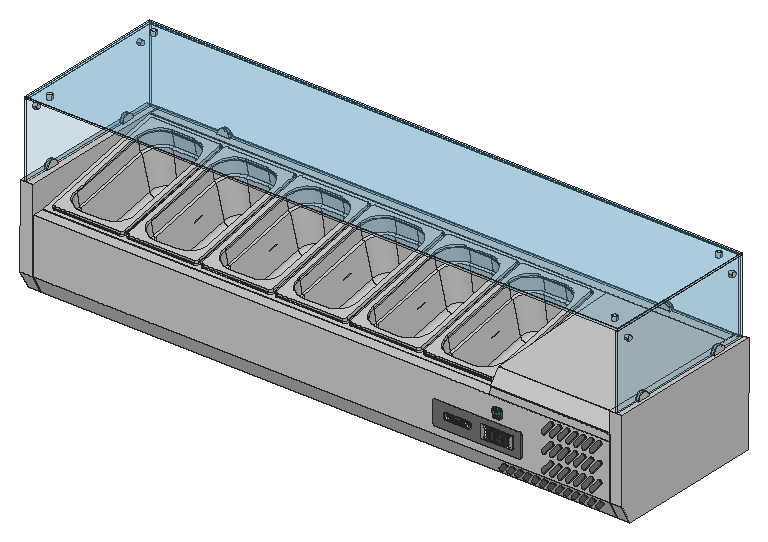
Revit family "QF_BLIZZARD_TOP1500CR", category Specialty Equipment, Revit 2016
Family settings
  Part Type = Normal
  Round Connector Dimension = Use Diameter
  OmniClass Number = 23.40.40.14
  OmniClass Title = Food Service Equipment
  Work Plane-Based = No
  Always vertical = Yes
  Cut with Voids When Loaded = No
  Shared = No
  Room Calculation Point = No
Parameters (values of type "TOP1500CR")
  URL = "www.blizzardequipment.com"
  Show Logo [instance] = yes
  Show Clearance [instance] = yes
  Model = "TOP1500CR"
  Manufacturer = "BLIZZARD"
  Description = "1/3 GASTRONORM PREP TOP WITH GLASS COVER 1500MM"
  Assembly Code = "E1090320"
Reference planes
  plane 1 "Back": y = 0
  plane 2: z = 0
  plane 3 "Left": x = 0
  plane 4 "Right": x = 1500
  plane 5 "Front": y = -395
  plane 6 "Top": z = 439
Forms (mm)
  Extrusion 1, solid
    sketch origin (0, -4, -8) x (0, 1, 0) y (0, 0, 1)
      loop
        line (-391, 53) -> (-366, 8) -> (2.955, 8)
        arc (2.955, 8) -> (3.694, 8.306) -> (4, 9.045) r 1.045
        line (4, 9.045) -> (4, 258) -> (-391, 258) -> (-391, 53)
    from 0 to 30
  Extrusion 2, solid
    sketch origin (1470, -4, -8) x (0, 1, 0) y (0, 0, 1)
      loop
        line (-391, 53) -> (-366, 8) -> (2.955, 8)
        arc (2.955, 8) -> (3.694, 8.306) -> (4, 9.045) r 1.045
        line (4, 9.045) -> (4, 258) -> (-391, 258) -> (-391, 53)
    from 0 to 30
  Extrusion 3, solid
    sketch origin (-580, -4, -8) x (0, 1, 0) y (0, 0, 1)
      loop
        line (-391, 53) -> (-366, 8) -> (2.955, 8)
        arc (2.955, 8) -> (3.694, 8.306) -> (4, 9.045) r 1.045
        line (4, 9.045) -> (4, 258) -> (-26, 258) -> (-26, 38) -> (-348.348, 38) -> (-361, 60.774) -> (-361, 190.193) -> (-391, 190.193) -> (-391, 53)
    from 610 to 2050
  Extrusion 4, solid
    sketch origin (10, 0, -20) x (0, 1, 0) y (0, 0, 1)
      loop
        line (-5, 455) -> (-395, 455) -> (-395, 270) -> (-5, 270) -> (-5, 455)
    from 0 to 5
  Extrusion 5, solid
    sketch origin (1485, 0, -20) x (0, 1, 0) y (0, 0, 1)
      loop
        line (-5, 455) -> (-395, 455) -> (-395, 270) -> (-5, 270) -> (-5, 455)
    from 0 to 5
  Extrusion 6, solid
    sketch origin (-610, 0, -20) x (0, 1, 0) y (0, 0, 1)
      loop
        line (-5, 460) -> (-395, 460) -> (-395, 455) -> (-5, 455) -> (-5, 460)
    from 620 to 2100
  Extrusion 7, solid
    sketch origin (-610, -5, -20) x (1, 0, 0) y (0, 0, 1)
      loop
        line (625, 455) -> (625, 270) -> (2095, 270) -> (2095, 455) -> (625, 455)
    from 0 to 5
  Extrusion 8, solid
    sketch origin (8, -65, -20) x (0, 1, 0) y (0, 0, 1)
      loop
        arc (0, 270) -> (-15, 285) -> (-30, 270) r 15
        line (-30, 270) -> (0, 270)
    from 0 to 2
  Extrusion 9, solid
    sketch origin (8, -330, -20) x (0, -1, 0) y (0, 0, -1)
      loop
        line (0, -270) -> (-30, -270)
        arc (-30, -270) -> (-15, -285) -> (0, -270) r 15
    from 0 to 2
  Extrusion 10, solid
    sketch origin (15, -65, -20) x (0, 1, 0) y (0, 0, 1)
      loop
        arc (0, 270) -> (-15, 285) -> (-30, 270) r 15
        line (-30, 270) -> (0, 270)
    from 0 to 2
  Extrusion 11, solid
    sketch origin (15, -330, -20) x (0, -1, 0) y (0, 0, -1)
      loop
        line (0, -270) -> (-30, -270)
        arc (-30, -270) -> (-15, -285) -> (0, -270) r 15
    from 0 to 2
  Extrusion 12, solid
    sketch origin (1483, -65, -20) x (0, 1, 0) y (0, 0, 1)
      loop
        arc (0, 270) -> (-15, 285) -> (-30, 270) r 15
        line (-30, 270) -> (0, 270)
    from 0 to 2
  Extrusion 13, solid
    sketch origin (1483, -330, -20) x (0, -1, 0) y (0, 0, -1)
      loop
        line (0, -270) -> (-30, -270)
        arc (-30, -270) -> (-15, -285) -> (0, -270) r 15
    from 0 to 2
  Extrusion 14, solid
    sketch origin (1490, -65, -20) x (0, 1, 0) y (0, 0, 1)
      loop
        arc (0, 270) -> (-15, 285) -> (-30, 270) r 15
        line (-30, 270) -> (0, 270)
    from 0 to 2
  Extrusion 15, solid
    sketch origin (1490, -330, -20) x (0, -1, 0) y (0, 0, -1)
      loop
        line (0, -270) -> (-30, -270)
        arc (-30, -270) -> (-15, -285) -> (0, -270) r 15
    from 0 to 2
  Extrusion 16, solid
    sketch origin (7.5, 0, -20) x (0, 1, 0) y (0, 0, 1)
      loop
        circle (-359.645, 424.645) r 5
    from 0 to 10
  Extrusion 17, solid
    sketch origin (1492.5, 0, -20) x (0, 1, 0) y (0, 0, -1)
      loop
        circle (-359.645, -424.645) r 5
    from 0 to 10
  Extrusion 18, solid
    sketch origin (7.5, -395, -20) x (0, -1, 0) y (0, 0, -1)
      loop
        circle (-359.645, -424.645) r 5
    from 0 to 10
  Extrusion 19, solid
    sketch origin (1492.5, -395, -20) x (0, -1, 0) y (0, 0, 1)
      loop
        circle (-359.645, 424.645) r 5
    from 0 to 10
  Extrusion 20, solid
    sketch origin (0, 0, 432.5) x (1, 0, 0) y (0, 1, 0)
      loop
        circle (45.355, -35.355) r 5
    from 0 to 10
  Extrusion 21, solid
    sketch origin (1500, 0, 432.5) x (-1, 0, 0) y (0, -1, 0)
      loop
        circle (45.355, 35.355) r 5
    from 0 to 10
  Extrusion 22, solid
    sketch origin (0, -395, 432.5) x (1, 0, 0) y (0, 1, 0)
      loop
        circle (45.355, 35.355) r 5
    from 0 to 10
  Extrusion 23, solid
    sketch origin (1500, -395, 432.5) x (-1, 0, 0) y (0, -1, 0)
      loop
        circle (45.355, -35.355) r 5
    from 0 to 10
  Extrusion 24, solid
    sketch origin (-610, 389.719, 331.894) x (1, 0, 0) y (0, 0.980124, 0.198386)
      loop
        line (640, -769.416) -> (2080, -769.416) -> (2080, -427.653) -> (640, -427.653) -> (640, -769.416)
      loop
        line (1751, -442.96) -> (1589, -442.96)
        arc (1589, -442.96) -> (1584.757, -444.717) -> (1583, -448.96) r 6
        line (1583, -448.96) -> (1583, -749.86)
        arc (1583, -749.86) -> (1584.757, -754.102) -> (1589, -755.86) r 6
        line (1589, -755.86) -> (1751, -755.86)
        arc (1751, -755.86) -> (1755.243, -754.102) -> (1757, -749.86) r 6
        line (1757, -749.86) -> (1757, -448.96)
        arc (1757, -448.96) -> (1755.243, -444.717) -> (1751, -442.96) r 6
      loop
        line (1566, -442.96) -> (1404, -442.96)
        arc (1404, -442.96) -> (1399.757, -444.717) -> (1398, -448.96) r 6
        line (1398, -448.96) -> (1398, -749.86)
        arc (1398, -749.86) -> (1399.757, -754.102) -> (1404, -755.86) r 6
        line (1404, -755.86) -> (1566, -755.86)
        arc (1566, -755.86) -> (1570.243, -754.102) -> (1572, -749.86) r 6
        line (1572, -749.86) -> (1572, -448.96)
        arc (1572, -448.96) -> (1570.243, -444.717) -> (1566, -442.96) r 6
      loop
        line (1381, -442.96) -> (1219, -442.96)
        arc (1219, -442.96) -> (1214.757, -444.717) -> (1213, -448.96) r 6
        line (1213, -448.96) -> (1213, -749.86)
        arc (1213, -749.86) -> (1214.757, -754.102) -> (1219, -755.86) r 6
        line (1219, -755.86) -> (1381, -755.86)
        arc (1381, -755.86) -> (1385.243, -754.102) -> (1387, -749.86) r 6
        line (1387, -749.86) -> (1387, -448.96)
        arc (1387, -448.96) -> (1385.243, -444.717) -> (1381, -442.96) r 6
      loop
        line (1196, -442.96) -> (1034, -442.96)
        arc (1034, -442.96) -> (1029.757, -444.717) -> (1028, -448.96) r 6
        line (1028, -448.96) -> (1028, -749.86)
        arc (1028, -749.86) -> (1029.757, -754.102) -> (1034, -755.86) r 6
        line (1034, -755.86) -> (1196, -755.86)
        arc (1196, -755.86) -> (1200.243, -754.102) -> (1202, -749.86) r 6
        line (1202, -749.86) -> (1202, -448.96)
        arc (1202, -448.96) -> (1200.243, -444.717) -> (1196, -442.96) r 6
      loop
        line (1011, -442.96) -> (849, -442.96)
        arc (849, -442.96) -> (844.757, -444.717) -> (843, -448.96) r 6
        line (843, -448.96) -> (843, -749.86)
        arc (843, -749.86) -> (844.757, -754.102) -> (849, -755.86) r 6
        line (849, -755.86) -> (1011, -755.86)
        arc (1011, -755.86) -> (1015.243, -754.102) -> (1017, -749.86) r 6
        line (1017, -749.86) -> (1017, -448.96)
        arc (1017, -448.96) -> (1015.243, -444.717) -> (1011, -442.96) r 6
      loop
        line (826, -442.96) -> (664, -442.96)
        arc (664, -442.96) -> (659.757, -444.717) -> (658, -448.96) r 6
        line (658, -448.96) -> (658, -749.86)
        arc (658, -749.86) -> (659.757, -754.102) -> (664, -755.86) r 6
        line (664, -755.86) -> (826, -755.86)
        arc (826, -755.86) -> (830.243, -754.102) -> (832, -749.86) r 6
        line (832, -749.86) -> (832, -448.96)
        arc (832, -448.96) -> (830.243, -444.717) -> (826, -442.96) r 6
    from 0 to 3
  Sweep 25, solid
    path origin (742, -13.722, 107.395) x (0, -0.980124, -0.198386) y (1, 0, 0)
      loop
        line (62.985, -289.089) -> (255.95, -289.089)
        arc (255.95, -289.089) -> (273.337, -281.887) -> (280.539, -264.5) r 24.589
        line (280.539, -264.5) -> (280.539, -209.5)
        arc (280.539, -209.5) -> (273.337, -192.113) -> (255.95, -184.911) r 24.589
        line (255.95, -184.911) -> (62.985, -184.911)
        arc (62.985, -184.911) -> (45.598, -192.113) -> (38.396, -209.5) r 24.589
        line (38.396, -209.5) -> (38.396, -264.5)
        arc (38.396, -264.5) -> (45.598, -281.887) -> (62.985, -289.089) r 24.589
    profile origin (452.911, -170.02, 75.759) x (1, 0, 0) y (0, -0.198386, 0.980124)
      loop
        arc (0, 2) -> (-9.637, 5.845) -> (-13.981, 15.267) r 14
        line (-13.981, 15.267) -> (-18.689, 105.106) -> (-23.411, 109.828) -> (-23.411, 143) -> (-25.411, 143) -> (-25.411, 109) -> (-20.646, 104.235) -> (-15.978, 15.163)
        arc (-15.978, 15.163) -> (-11.014, 4.394) -> (0, 0) r 16
        line (0, 0) -> (0, 2)
  Extrusion 26, solid
    sketch origin (742, -14.714, 112.295) x (0, -0.980124, -0.198386) y (1, 0, 0)
      loop
        line (0, -156) -> (0, -318)
        arc (0, -318) -> (2.636, -324.364) -> (9, -327) r 9
        line (9, -327) -> (309.939, -327)
        arc (309.939, -327) -> (316.303, -324.364) -> (318.939, -318) r 9
        line (318.939, -318) -> (318.939, -156)
        arc (318.939, -156) -> (316.303, -149.636) -> (309.939, -147) r 9
        line (309.939, -147) -> (9, -147)
        arc (9, -147) -> (2.636, -149.636) -> (0, -156) r 9
      loop
        arc (14.985, -264.5) -> (29.043, -298.441) -> (62.985, -312.5) r 48
        line (62.985, -312.5) -> (256.139, -312.5)
        arc (256.139, -312.5) -> (289.949, -298.495) -> (303.954, -264.685) r 47.815
        line (303.954, -264.685) -> (303.954, -209.5)
        arc (303.954, -209.5) -> (289.895, -175.559) -> (255.954, -161.5) r 48
        line (255.954, -161.5) -> (62.985, -161.5)
        arc (62.985, -161.5) -> (29.043, -175.559) -> (14.985, -209.5) r 48
        line (14.985, -209.5) -> (14.985, -264.5)
    from 138 to 140
  Extrusion 27, solid
    sketch origin (742, -14.714, 112.295) x (0, -0.980124, -0.198386) y (1, 0, 0)
      loop
        arc (3, -318) -> (4.757, -322.243) -> (9, -324) r 6
        line (9, -324) -> (309.939, -324)
        arc (309.939, -324) -> (314.181, -322.243) -> (315.939, -318) r 6
        line (315.939, -318) -> (315.939, -156)
        arc (315.939, -156) -> (314.181, -151.757) -> (309.939, -150) r 6
        line (309.939, -150) -> (9, -150)
        arc (9, -150) -> (4.757, -151.757) -> (3, -156) r 6
        line (3, -156) -> (3, -318)
      loop
        arc (14.985, -264.5) -> (29.043, -298.441) -> (62.985, -312.5) r 48
        line (62.985, -312.5) -> (255.954, -312.5)
        arc (255.954, -312.5) -> (289.895, -298.441) -> (303.954, -264.5) r 48
        line (303.954, -264.5) -> (303.954, -209.5)
        arc (303.954, -209.5) -> (289.895, -175.559) -> (255.954, -161.5) r 48
        line (255.954, -161.5) -> (62.985, -161.5)
        arc (62.985, -161.5) -> (29.043, -175.559) -> (14.985, -209.5) r 48
        line (14.985, -209.5) -> (14.985, -264.5)
    from 140 to 145
  Extrusion 28, solid
    sketch origin (742, -425.374, 24.073) x (0, -0.980124, -0.198386) y (1, 0, 0)
      loop
        arc (-357.015, -184.911) -> (-374.402, -192.113) -> (-381.604, -209.5) r 24.589
        line (-381.604, -209.5) -> (-381.604, -264.5)
        arc (-381.604, -264.5) -> (-374.402, -281.887) -> (-357.015, -289.089) r 24.589
        line (-357.015, -289.089) -> (-163.865, -289.089)
        arc (-163.865, -289.089) -> (-146.609, -281.941) -> (-139.461, -264.685) r 24.404
        line (-139.461, -264.685) -> (-139.461, -209.315)
        arc (-139.461, -209.315) -> (-146.609, -192.059) -> (-163.865, -184.911) r 24.404
        line (-163.865, -184.911) -> (-357.015, -184.911)
    from 0 to 2
  Extrusion 29, solid
    sketch origin (42.5, -3, -20) x (1, 0, 0) y (0, 0, 1)
      loop
        line (142.5, 270) -> (172.5, 270)
        arc (172.5, 270) -> (157.5, 285) -> (142.5, 270) r 15
    from 0 to 2
  Extrusion 30, solid
    sketch origin (1457.5, -3, -20) x (-1, 0, 0) y (0, 0, -1)
      loop
        arc (142.5, -270) -> (157.5, -285) -> (172.5, -270) r 15
        line (172.5, -270) -> (142.5, -270)
    from 0 to 2
  Extrusion 31, solid
    sketch origin (42.5, -10, -20) x (1, 0, 0) y (0, 0, 1)
      loop
        line (142.5, 270) -> (172.5, 270)
        arc (172.5, 270) -> (157.5, 285) -> (142.5, 270) r 15
    from 0 to 2
  Extrusion 32, solid
    sketch origin (1457.5, -10, -20) x (-1, 0, 0) y (0, 0, -1)
      loop
        arc (142.5, -270) -> (157.5, -285) -> (172.5, -270) r 15
        line (172.5, -270) -> (142.5, -270)
    from 0 to 2
  Extrusion 33, solid
    sketch origin (1148, 205.936, 282.02) x (0, -0.34202, 0.939693) y (0, -0.939693, -0.34202)
      loop
        line (10.308, 247.326) -> (50.606, 232.659) -> (149.332, 555.577)
        arc (149.332, 555.577) -> (149.387, 556.194) -> (149.187, 556.781) r 1.501
        line (149.187, 556.781) -> (128.527, 591.598)
        arc (128.527, 591.598) -> (128.102, 592.105) -> (127.538, 592.449) r 2.032
        line (127.538, 592.449) -> (111.726, 598.838) -> (109.154, 591.772) -> (109.731, 567.639) -> (10.308, 247.326)
    from 24 to 322
  Extrusion 34, solid
    sketch origin (750.536, -393.5, -1739.135) x (1, 0, 0) y (0, 0, 1)
      loop
        arc (285, 1864.135) -> (281.464, 1862.671) -> (280, 1859.135) r 5
        line (280, 1859.135) -> (280, 1809.135)
        arc (280, 1809.135) -> (281.464, 1805.6) -> (285, 1804.135) r 5
        line (285, 1804.135) -> (494.464, 1804.135)
        arc (494.464, 1804.135) -> (498, 1805.6) -> (499.464, 1809.135) r 5
        line (499.464, 1809.135) -> (499.464, 1859.135)
        arc (499.464, 1859.135) -> (498, 1862.671) -> (494.464, 1864.135) r 5
        line (494.464, 1864.135) -> (285, 1864.135)
    from 0 to 2
  Extrusion 35, solid
    sketch origin (892.5, -393.5, -713.75) x (1, 0, 0) y (0, 0, 1)
      loop
        arc (260.5, 825) -> (258.379, 824.121) -> (257.5, 822) r 3
        line (257.5, 822) -> (257.5, 795.5)
        arc (257.5, 795.5) -> (258.379, 793.379) -> (260.5, 792.5) r 3
        line (260.5, 792.5) -> (334.5, 792.5)
        arc (334.5, 792.5) -> (336.621, 793.379) -> (337.5, 795.5) r 3
        line (337.5, 795.5) -> (337.5, 822)
        arc (337.5, 822) -> (336.621, 824.121) -> (334.5, 825) r 3
        line (334.5, 825) -> (260.5, 825)
    from 0 to 4
  Extrusion 36, solid
    sketch origin (892.5, -396.5, -703.75) x (1, 0, 0) y (0, 0, 1)
      loop
        arc (278, 812.5) -> (275.879, 811.621) -> (275, 809.5) r 3
        line (275, 809.5) -> (275, 788)
        arc (275, 788) -> (275.879, 785.879) -> (278, 785) r 3
        line (278, 785) -> (317, 785)
        arc (317, 785) -> (319.121, 785.879) -> (320, 788) r 3
        line (320, 788) -> (320, 809.5)
        arc (320, 809.5) -> (319.121, 811.621) -> (317, 812.5) r 3
        line (317, 812.5) -> (278, 812.5)
    from 0 to 2
  Extrusion 37, solid
    sketch origin (893.951, -397, -704.25) x (1, 0, 0) y (0, 0, 1)
      loop
        line (278.549, 800.5) -> (280.549, 800.5) -> (280.549, 809) -> (278.549, 809) -> (278.549, 800.5)
      loop
        line (278.549, 789) -> (280.549, 789) -> (280.549, 797) -> (278.549, 797) -> (278.549, 789)
      loop
        line (281.049, 811.5) -> (281.049, 809.5) -> (291.049, 809.5) -> (291.049, 811.5) -> (281.049, 811.5)
      loop
        line (293.549, 800.5) -> (293.549, 809) -> (291.549, 809) -> (291.549, 800.5) -> (293.549, 800.5)
      loop
        line (293.549, 789) -> (293.549, 797) -> (291.549, 797) -> (291.549, 789) -> (293.549, 789)
      loop
        line (281.049, 786.5) -> (291.049, 786.5) -> (291.049, 788.5) -> (281.049, 788.5) -> (281.049, 786.5)
      loop
        line (298.549, 800.5) -> (300.549, 800.5) -> (300.549, 809) -> (298.549, 809) -> (298.549, 800.5)
      loop
        line (301.049, 811.5) -> (301.049, 809.5) -> (311.049, 809.5) -> (311.049, 811.5) -> (301.049, 811.5)
      loop
        line (313.549, 800.5) -> (313.549, 809) -> (311.549, 809) -> (311.549, 800.5) -> (313.549, 800.5)
      loop
        line (313.549, 789) -> (313.549, 797) -> (311.549, 797) -> (311.549, 789) -> (313.549, 789)
      loop
        line (301.049, 798) -> (311.049, 798) -> (311.049, 800) -> (301.049, 800) -> (301.049, 798)
      loop
        line (301.049, 786.5) -> (311.049, 786.5) -> (311.049, 788.5) -> (301.049, 788.5) -> (301.049, 786.5)
      loop
        line (297.049, 786.5) -> (297.049, 788.5) -> (295.049, 788.5) -> (295.049, 786.5) -> (297.049, 786.5)
    from 0 to 2
  Extrusion 38, solid
    sketch origin (865.5, -396, -1708.75) x (1, 0, 0) y (0, 0, 1)
      loop
        arc (300, 1815) -> (299.121, 1817.121) -> (297, 1818) r 3
        line (297, 1818) -> (292, 1818) -> (292, 1816) -> (297, 1816)
        arc (297, 1816) -> (297.707, 1815.707) -> (298, 1815) r 1
        line (298, 1815) -> (298, 1811.5) -> (295, 1811.5) -> (295, 1809.5) -> (298, 1809.5) -> (298, 1805) -> (295, 1805) -> (295, 1803) -> (298, 1803) -> (298, 1798.5) -> (295, 1798.5) -> (295, 1796.5) -> (298, 1796.5) -> (298, 1793)
        arc (298, 1793) -> (297.707, 1792.293) -> (297, 1792) r 1
        line (297, 1792) -> (292, 1792) -> (292, 1790) -> (297, 1790)
        arc (297, 1790) -> (299.121, 1790.879) -> (300, 1793) r 3
        line (300, 1793) -> (300, 1815)
      loop
        line (349, 1815) -> (349, 1793)
        arc (349, 1793) -> (349.879, 1790.879) -> (352, 1790) r 3
        line (352, 1790) -> (357, 1790) -> (357, 1792) -> (352, 1792)
        arc (352, 1792) -> (351.293, 1792.293) -> (351, 1793) r 1
        line (351, 1793) -> (351, 1796.5) -> (354, 1796.5) -> (354, 1798.5) -> (351, 1798.5) -> (351, 1803) -> (354, 1803) -> (354, 1805) -> (351, 1805) -> (351, 1809.5) -> (354, 1809.5) -> (354, 1811.5) -> (351, 1811.5) -> (351, 1815)
        arc (351, 1815) -> (351.293, 1815.707) -> (352, 1816) r 1
        line (352, 1816) -> (357, 1816) -> (357, 1818) -> (352, 1818)
        arc (352, 1818) -> (349.879, 1817.121) -> (349, 1815) r 3
    from 0 to 2
  Extrusion 39, solid, visible <- "Show Logo"
    sketch origin (1032.91, -393.7, -42.983) x (1, 0, 0) y (0, 0, 1)
      loop
        line (30.3, 133.137) -> (36.162, 133.137)
        arc (36.162, 133.137) -> (39.122, 134.994) -> (38.048, 138.319) r 2.844
        arc (38.048, 138.319) -> (38.838, 141.267) -> (36.338, 143.017) r 2.66
        line (36.338, 143.017) -> (31.338, 143.017) -> (30.3, 133.137)
      loop
        line (33.066, 135.126) -> (35.993, 135.126)
        arc (35.993, 135.126) -> (36.943, 136.076) -> (35.993, 137.026) r 0.95
        line (35.993, 137.026) -> (33.066, 137.026) -> (33.066, 135.126)
      loop
        line (33.528, 139.285) -> (36.147, 139.285)
        arc (36.147, 139.285) -> (36.994, 140.133) -> (36.147, 140.98) r 0.847
        line (36.147, 140.98) -> (33.528, 140.98) -> (33.528, 139.285)
      loop
        line (40.306, 133.137) -> (42.874, 133.137) -> (43.912, 143.017) -> (41.344, 143.017) -> (40.306, 133.137)
      loop
        line (45.174, 140.98) -> (47.749, 140.98) -> (47.964, 143.017) -> (45.389, 143.017) -> (45.174, 140.98)
      loop
        line (45.104, 140.313) -> (44.35, 133.137) -> (46.671, 133.137) -> (47.425, 140.313) -> (45.104, 140.313)
      loop
        line (48.314, 138.359) -> (51.196, 138.359) -> (47.765, 134.548) -> (47.765, 133.137) -> (54.184, 133.137) -> (54.393, 135.126) -> (51.213, 135.126) -> (54.657, 138.952) -> (54.657, 140.313) -> (48.519, 140.313) -> (48.314, 138.359)
      loop
        line (55.213, 138.359) -> (58.095, 138.359) -> (54.664, 134.548) -> (54.664, 133.137) -> (61.084, 133.137) -> (61.293, 135.126) -> (58.112, 135.126) -> (61.557, 138.952) -> (61.557, 140.313) -> (55.419, 140.313) -> (55.213, 138.359)
      loop
        arc (64.816, 137.983) -> (65.785, 138.952) -> (66.753, 137.983) r 0.969
        line (66.753, 137.983) -> (64.711, 137.436)
        arc (64.711, 137.436) -> (62.642, 134.297) -> (66.342, 133.633) r 2.251
        line (66.342, 133.633) -> (66.77, 132.921) -> (69.168, 132.921) -> (68.641, 134.052) -> (69.084, 138.274)
        arc (69.084, 138.274) -> (65.782, 140.567) -> (62.514, 138.225) r 3.488
        line (62.514, 138.225) -> (64.816, 137.983)
      loop
        line (69.848, 133.137) -> (72.232, 133.137) -> (72.59, 136.546)
        arc (72.59, 136.546) -> (73.413, 137.974) -> (75.025, 138.32) r 2.029
        line (75.025, 138.32) -> (75.83, 140.313)
        arc (75.83, 140.313) -> (74.279, 140.541) -> (72.927, 139.749) r 2.362
        line (72.927, 139.749) -> (72.927, 140.627) -> (70.635, 140.627) -> (69.848, 133.137)
      loop
        line (82.596, 133.137) -> (83.635, 143.017) -> (81.373, 143.017) -> (81.031, 139.764)
        arc (81.031, 139.764) -> (75.402, 137.124) -> (80.359, 133.372) r 3.631
        line (80.359, 133.372) -> (82.596, 133.137)
      loop
        spline (78.956, 134.82) -> (79.32, 134.851) -> (79.675, 135.016) -> (79.994, 135.304) -> (80.258, 135.695) -> (80.446, 136.164) -> (80.548, 136.677) -> (80.555, 137.2) -> (80.468, 137.697) -> (80.292, 138.134) -> (80.039, 138.483) -> (79.727, 138.718) -> (79.376, 138.823)
        spline (79.376, 138.823) -> (79.011, 138.793) -> (78.657, 138.628) -> (78.338, 138.34) -> (78.074, 137.948) -> (77.886, 137.48) -> (77.784, 136.967) -> (77.777, 136.444) -> (77.864, 135.947) -> (78.04, 135.509) -> (78.293, 135.161) -> (78.605, 134.926) -> (78.956, 134.82)
      loop
        line (66.385, 136.28) -> (64.729, 135.958)
        arc (64.729, 135.958) -> (64.361, 135.233) -> (65.042, 134.788) r 0.609
        arc (65.042, 134.788) -> (66.068, 135.215) -> (66.385, 136.28) r 1.295
      loop
        line (85.459, 146.184) -> (29.578, 146.184)
        arc (29.578, 146.184) -> (25.494, 144.492) -> (23.802, 140.407) r 5.777
        line (23.802, 140.407) -> (23.802, 135.662)
        arc (23.802, 135.662) -> (25.494, 131.578) -> (29.578, 129.886) r 5.777
        line (29.578, 129.886) -> (85.459, 129.886)
        arc (85.459, 129.886) -> (89.544, 131.578) -> (91.236, 135.662) r 5.777
        line (91.236, 135.662) -> (91.236, 140.407)
        arc (91.236, 140.407) -> (89.544, 144.492) -> (85.459, 146.184) r 5.777
      loop
        line (85.459, 145.184) -> (29.578, 145.184)
        arc (29.578, 145.184) -> (26.201, 143.785) -> (24.802, 140.407) r 4.777
        line (24.802, 140.407) -> (24.802, 135.662)
        arc (24.802, 135.662) -> (26.201, 132.285) -> (29.578, 130.886) r 4.777
        line (29.578, 130.886) -> (85.459, 130.886)
        arc (85.459, 130.886) -> (88.837, 132.285) -> (90.236, 135.662) r 4.777
        line (90.236, 135.662) -> (90.236, 140.407)
        arc (90.236, 140.407) -> (88.837, 143.785) -> (85.459, 145.184) r 4.777
    from 0 to 2
  Extrusion 40, solid
    sketch origin (291.08, -393.5, -34.541) x (1, 0, 0) y (0, 0, 1)
      loop
        line (1030, 207.338) -> (1011.08, 183.441)
        arc (1011.08, 183.441) -> (1011.896, 176.418) -> (1018.92, 177.234) r 5
        line (1018.92, 177.234) -> (1037.84, 201.13)
        arc (1037.84, 201.13) -> (1037.024, 208.154) -> (1030, 207.338) r 5
      loop
        line (1050, 207.338) -> (1031.08, 183.441)
        arc (1031.08, 183.441) -> (1031.896, 176.418) -> (1038.92, 177.234) r 5
        line (1038.92, 177.234) -> (1057.84, 201.13)
        arc (1057.84, 201.13) -> (1057.024, 208.154) -> (1050, 207.338) r 5
      loop
        line (1070, 207.338) -> (1051.08, 183.441)
        arc (1051.08, 183.441) -> (1051.896, 176.418) -> (1058.92, 177.234) r 5
        line (1058.92, 177.234) -> (1077.84, 201.13)
        arc (1077.84, 201.13) -> (1077.024, 208.154) -> (1070, 207.338) r 5
      loop
        line (1090, 207.338) -> (1071.08, 183.441)
        arc (1071.08, 183.441) -> (1071.896, 176.418) -> (1078.92, 177.234) r 5
        line (1078.92, 177.234) -> (1097.84, 201.13)
        arc (1097.84, 201.13) -> (1097.024, 208.154) -> (1090, 207.338) r 5
      loop
        line (1110, 207.338) -> (1091.08, 183.441)
        arc (1091.08, 183.441) -> (1091.896, 176.418) -> (1098.92, 177.234) r 5
        line (1098.92, 177.234) -> (1117.84, 201.13)
        arc (1117.84, 201.13) -> (1117.024, 208.154) -> (1110, 207.338) r 5
      loop
        line (1130, 207.338) -> (1111.08, 183.441)
        arc (1111.08, 183.441) -> (1111.896, 176.418) -> (1118.92, 177.234) r 5
        line (1118.92, 177.234) -> (1137.84, 201.13)
        arc (1137.84, 201.13) -> (1137.024, 208.154) -> (1130, 207.338) r 5
      loop
        line (1150, 207.338) -> (1131.08, 183.441)
        arc (1131.08, 183.441) -> (1131.896, 176.418) -> (1138.92, 177.234) r 5
        line (1138.92, 177.234) -> (1157.84, 201.13)
        arc (1157.84, 201.13) -> (1157.024, 208.154) -> (1150, 207.338) r 5
      loop
        line (1030, 163.441) -> (1011.08, 139.545)
        arc (1011.08, 139.545) -> (1011.896, 132.521) -> (1018.92, 133.338) r 5
        line (1018.92, 133.338) -> (1037.84, 157.234)
        arc (1037.84, 157.234) -> (1037.024, 164.258) -> (1030, 163.441) r 5
      loop
        line (1050, 163.441) -> (1031.08, 139.545)
        arc (1031.08, 139.545) -> (1031.896, 132.521) -> (1038.92, 133.338) r 5
        line (1038.92, 133.338) -> (1057.84, 157.234)
        arc (1057.84, 157.234) -> (1057.024, 164.258) -> (1050, 163.441) r 5
      loop
        line (1070, 163.441) -> (1051.08, 139.545)
        arc (1051.08, 139.545) -> (1051.896, 132.521) -> (1058.92, 133.338) r 5
        line (1058.92, 133.338) -> (1077.84, 157.234)
        arc (1077.84, 157.234) -> (1077.024, 164.258) -> (1070, 163.441) r 5
      loop
        line (1090, 163.441) -> (1071.08, 139.545)
        arc (1071.08, 139.545) -> (1071.896, 132.521) -> (1078.92, 133.338) r 5
        line (1078.92, 133.338) -> (1097.84, 157.234)
        arc (1097.84, 157.234) -> (1097.024, 164.258) -> (1090, 163.441) r 5
      loop
        line (1110, 163.441) -> (1091.08, 139.545)
        arc (1091.08, 139.545) -> (1091.896, 132.521) -> (1098.92, 133.338) r 5
        line (1098.92, 133.338) -> (1117.84, 157.234)
        arc (1117.84, 157.234) -> (1117.024, 164.258) -> (1110, 163.441) r 5
      loop
        line (1130, 163.441) -> (1111.08, 139.545)
        arc (1111.08, 139.545) -> (1111.896, 132.521) -> (1118.92, 133.338) r 5
        line (1118.92, 133.338) -> (1137.84, 157.234)
        arc (1137.84, 157.234) -> (1137.024, 164.258) -> (1130, 163.441) r 5
      loop
        line (1150, 163.441) -> (1131.08, 139.545)
        arc (1131.08, 139.545) -> (1131.896, 132.521) -> (1138.92, 133.338) r 5
        line (1138.92, 133.338) -> (1157.84, 157.234)
        arc (1157.84, 157.234) -> (1157.024, 164.258) -> (1150, 163.441) r 5
      loop
        line (1030, 119.663) -> (1011.08, 95.767)
        arc (1011.08, 95.767) -> (1011.896, 88.743) -> (1018.92, 89.559) r 5
        line (1018.92, 89.559) -> (1037.84, 113.456)
        arc (1037.84, 113.456) -> (1037.024, 120.479) -> (1030, 119.663) r 5
      loop
        line (1050, 119.663) -> (1031.08, 95.767)
        arc (1031.08, 95.767) -> (1031.896, 88.743) -> (1038.92, 89.559) r 5
        line (1038.92, 89.559) -> (1057.84, 113.456)
        arc (1057.84, 113.456) -> (1057.024, 120.479) -> (1050, 119.663) r 5
      loop
        line (1070, 119.663) -> (1051.08, 95.767)
        arc (1051.08, 95.767) -> (1051.896, 88.743) -> (1058.92, 89.559) r 5
        line (1058.92, 89.559) -> (1077.84, 113.456)
        arc (1077.84, 113.456) -> (1077.024, 120.479) -> (1070, 119.663) r 5
      loop
        line (1090, 119.663) -> (1071.08, 95.767)
        arc (1071.08, 95.767) -> (1071.896, 88.743) -> (1078.92, 89.559) r 5
        line (1078.92, 89.559) -> (1097.84, 113.456)
        arc (1097.84, 113.456) -> (1097.024, 120.479) -> (1090, 119.663) r 5
      loop
        line (1110, 119.663) -> (1091.08, 95.767)
        arc (1091.08, 95.767) -> (1091.896, 88.743) -> (1098.92, 89.559) r 5
        line (1098.92, 89.559) -> (1117.84, 113.456)
        arc (1117.84, 113.456) -> (1117.024, 120.479) -> (1110, 119.663) r 5
      loop
        line (1130, 119.663) -> (1111.08, 95.767)
        arc (1111.08, 95.767) -> (1111.896, 88.743) -> (1118.92, 89.559) r 5
        line (1118.92, 89.559) -> (1137.84, 113.456)
        arc (1137.84, 113.456) -> (1137.024, 120.479) -> (1130, 119.663) r 5
      loop
        line (1150, 119.663) -> (1131.08, 95.767)
        arc (1131.08, 95.767) -> (1131.896, 88.743) -> (1138.92, 89.559) r 5
        line (1138.92, 89.559) -> (1157.84, 113.456)
        arc (1157.84, 113.456) -> (1157.024, 120.479) -> (1150, 119.663) r 5
    from 0 to 2
  Extrusion 41, solid
    sketch origin (291.08, -288.186, -144.301) x (1, 0, 0) y (0, -0.485643, 0.874157)
      loop
        line (1030, 207.338) -> (1011.08, 183.441)
        arc (1011.08, 183.441) -> (1011.896, 176.418) -> (1018.92, 177.234) r 5
        line (1018.92, 177.234) -> (1037.84, 201.13)
        arc (1037.84, 201.13) -> (1037.024, 208.154) -> (1030, 207.338) r 5
      loop
        line (1050, 207.338) -> (1031.08, 183.441)
        arc (1031.08, 183.441) -> (1031.896, 176.418) -> (1038.92, 177.234) r 5
        line (1038.92, 177.234) -> (1057.84, 201.13)
        arc (1057.84, 201.13) -> (1057.024, 208.154) -> (1050, 207.338) r 5
      loop
        line (1070, 207.338) -> (1051.08, 183.441)
        arc (1051.08, 183.441) -> (1051.896, 176.418) -> (1058.92, 177.234) r 5
        line (1058.92, 177.234) -> (1077.84, 201.13)
        arc (1077.84, 201.13) -> (1077.024, 208.154) -> (1070, 207.338) r 5
      loop
        line (1090, 207.338) -> (1071.08, 183.441)
        arc (1071.08, 183.441) -> (1071.896, 176.418) -> (1078.92, 177.234) r 5
        line (1078.92, 177.234) -> (1097.84, 201.13)
        arc (1097.84, 201.13) -> (1097.024, 208.154) -> (1090, 207.338) r 5
      loop
        line (1110, 207.338) -> (1091.08, 183.441)
        arc (1091.08, 183.441) -> (1091.896, 176.418) -> (1098.92, 177.234) r 5
        line (1098.92, 177.234) -> (1117.84, 201.13)
        arc (1117.84, 201.13) -> (1117.024, 208.154) -> (1110, 207.338) r 5
      loop
        line (1130, 207.338) -> (1111.08, 183.441)
        arc (1111.08, 183.441) -> (1111.896, 176.418) -> (1118.92, 177.234) r 5
        line (1118.92, 177.234) -> (1137.84, 201.13)
        arc (1137.84, 201.13) -> (1137.024, 208.154) -> (1130, 207.338) r 5
      loop
        line (1150, 207.338) -> (1131.08, 183.441)
        arc (1131.08, 183.441) -> (1131.896, 176.418) -> (1138.92, 177.234) r 5
        line (1138.92, 177.234) -> (1157.84, 201.13)
        arc (1157.84, 201.13) -> (1157.024, 208.154) -> (1150, 207.338) r 5
      loop
        line (910, 207.338) -> (891.08, 183.441)
        arc (891.08, 183.441) -> (891.896, 176.418) -> (898.92, 177.234) r 5
        line (898.92, 177.234) -> (917.84, 201.13)
        arc (917.84, 201.13) -> (917.024, 208.154) -> (910, 207.338) r 5
      loop
        line (930, 207.338) -> (911.08, 183.441)
        arc (911.08, 183.441) -> (911.896, 176.418) -> (918.92, 177.234) r 5
        line (918.92, 177.234) -> (937.84, 201.13)
        arc (937.84, 201.13) -> (937.024, 208.154) -> (930, 207.338) r 5
      loop
        line (950, 207.338) -> (931.08, 183.441)
        arc (931.08, 183.441) -> (931.896, 176.418) -> (938.92, 177.234) r 5
        line (938.92, 177.234) -> (957.84, 201.13)
        arc (957.84, 201.13) -> (957.024, 208.154) -> (950, 207.338) r 5
      loop
        line (970, 207.338) -> (951.08, 183.441)
        arc (951.08, 183.441) -> (951.896, 176.418) -> (958.92, 177.234) r 5
        line (958.92, 177.234) -> (977.84, 201.13)
        arc (977.84, 201.13) -> (977.024, 208.154) -> (970, 207.338) r 5
      loop
        line (990, 207.338) -> (971.08, 183.441)
        arc (971.08, 183.441) -> (971.896, 176.418) -> (978.92, 177.234) r 5
        line (978.92, 177.234) -> (997.84, 201.13)
        arc (997.84, 201.13) -> (997.024, 208.154) -> (990, 207.338) r 5
      loop
        line (1010, 207.338) -> (991.08, 183.441)
        arc (991.08, 183.441) -> (991.896, 176.418) -> (998.92, 177.234) r 5
        line (998.92, 177.234) -> (1017.84, 201.13)
        arc (1017.84, 201.13) -> (1017.024, 208.154) -> (1010, 207.338) r 5
    from 0 to 2
  Extrusion 42, solid
    sketch origin (1182.5, -385.499, -657) x (1, 0, 0) y (0, 0, 1)
      loop
        arc (3, 815) -> (0.879, 814.121) -> (0, 812) r 3
        line (0, 812) -> (0, 798)
        arc (0, 798) -> (0.879, 795.879) -> (3, 795) r 3
        line (3, 795) -> (12, 795)
        arc (12, 795) -> (14.121, 795.879) -> (15, 798) r 3
        line (15, 798) -> (15, 812)
        arc (15, 812) -> (14.121, 814.121) -> (12, 815) r 3
        line (12, 815) -> (3, 815)
    from 9.001 to 20
  Extrusion 43, void
    sketch origin (1180, 254.501, -657) x (0, 1, 0) y (0, 0, 1)
      loop
        line (-659.545, 817.359) -> (-661.721, 817.359) -> (-661.721, 793) -> (-653.921, 793) -> (-659.545, 817.359)
    from 0 to 20
  Extrusion 44, solid
    sketch origin (1182.5, -393.5, -657) x (1, 0, 0) y (0, 0, 1)
      loop
        arc (3, 818) -> (-1.243, 816.243) -> (-3, 812) r 6
        line (-3, 812) -> (-3, 798)
        arc (-3, 798) -> (-1.243, 793.757) -> (3, 792) r 6
        line (3, 792) -> (12, 792)
        arc (12, 792) -> (16.243, 793.757) -> (18, 798) r 6
        line (18, 798) -> (18, 812)
        arc (18, 812) -> (16.243, 816.243) -> (12, 818) r 6
        line (12, 818) -> (3, 818)
    from 0 to 4
  Extrusion 45, solid
    sketch origin (820.219, -220.533, -632.176) x (1, 0, 0) y (0, -0.224951, 0.97437)
      loop
        line (368.781, 810.281) -> (368.781, 805.281) -> (370.781, 805.281) -> (370.781, 810.281) -> (368.781, 810.281)
    from 0 to 2
  Extrusion 46, solid
    sketch origin (820.219, -217.384, -645.817) x (1, 0, 0) y (0, -0.224951, 0.97437)
      loop
        circle (369.781, 809.781) r 2.5
      loop
        circle (369.781, 809.781) r 3.5
    from 0 to 2
  Sweep 47, solid
    path origin (927, -13.722, 107.395) x (0, -0.980124, -0.198386) y (1, 0, 0)
      loop
        line (62.985, -289.089) -> (255.95, -289.089)
        arc (255.95, -289.089) -> (273.337, -281.887) -> (280.539, -264.5) r 24.589
        line (280.539, -264.5) -> (280.539, -209.5)
        arc (280.539, -209.5) -> (273.337, -192.113) -> (255.95, -184.911) r 24.589
        line (255.95, -184.911) -> (62.985, -184.911)
        arc (62.985, -184.911) -> (45.598, -192.113) -> (38.396, -209.5) r 24.589
        line (38.396, -209.5) -> (38.396, -264.5)
        arc (38.396, -264.5) -> (45.598, -281.887) -> (62.985, -289.089) r 24.589
    profile origin (637.911, -170.02, 75.759) x (1, 0, 0) y (0, -0.198386, 0.980124)
      loop
        arc (0, 2) -> (-9.637, 5.845) -> (-13.981, 15.267) r 14
        line (-13.981, 15.267) -> (-18.689, 105.106) -> (-23.411, 109.828) -> (-23.411, 143) -> (-25.411, 143) -> (-25.411, 109) -> (-20.646, 104.235) -> (-15.978, 15.163)
        arc (-15.978, 15.163) -> (-11.014, 4.394) -> (0, 0) r 16
        line (0, 0) -> (0, 2)
  Extrusion 48, solid
    sketch origin (927, -14.714, 112.295) x (0, -0.980124, -0.198386) y (1, 0, 0)
      loop
        line (0, -156) -> (0, -318)
        arc (0, -318) -> (2.636, -324.364) -> (9, -327) r 9
        line (9, -327) -> (309.939, -327)
        arc (309.939, -327) -> (316.303, -324.364) -> (318.939, -318) r 9
        line (318.939, -318) -> (318.939, -156)
        arc (318.939, -156) -> (316.303, -149.636) -> (309.939, -147) r 9
        line (309.939, -147) -> (9, -147)
        arc (9, -147) -> (2.636, -149.636) -> (0, -156) r 9
      loop
        arc (14.985, -264.5) -> (29.043, -298.441) -> (62.985, -312.5) r 48
        line (62.985, -312.5) -> (256.139, -312.5)
        arc (256.139, -312.5) -> (289.949, -298.495) -> (303.954, -264.685) r 47.815
        line (303.954, -264.685) -> (303.954, -209.5)
        arc (303.954, -209.5) -> (289.895, -175.559) -> (255.954, -161.5) r 48
        line (255.954, -161.5) -> (62.985, -161.5)
        arc (62.985, -161.5) -> (29.043, -175.559) -> (14.985, -209.5) r 48
        line (14.985, -209.5) -> (14.985, -264.5)
    from 138 to 140
  Extrusion 49, solid
    sketch origin (927, -14.714, 112.295) x (0, -0.980124, -0.198386) y (1, 0, 0)
      loop
        arc (3, -318) -> (4.757, -322.243) -> (9, -324) r 6
        line (9, -324) -> (309.939, -324)
        arc (309.939, -324) -> (314.181, -322.243) -> (315.939, -318) r 6
        line (315.939, -318) -> (315.939, -156)
        arc (315.939, -156) -> (314.181, -151.757) -> (309.939, -150) r 6
        line (309.939, -150) -> (9, -150)
        arc (9, -150) -> (4.757, -151.757) -> (3, -156) r 6
        line (3, -156) -> (3, -318)
      loop
        arc (14.985, -264.5) -> (29.043, -298.441) -> (62.985, -312.5) r 48
        line (62.985, -312.5) -> (255.954, -312.5)
        arc (255.954, -312.5) -> (289.895, -298.441) -> (303.954, -264.5) r 48
        line (303.954, -264.5) -> (303.954, -209.5)
        arc (303.954, -209.5) -> (289.895, -175.559) -> (255.954, -161.5) r 48
        line (255.954, -161.5) -> (62.985, -161.5)
        arc (62.985, -161.5) -> (29.043, -175.559) -> (14.985, -209.5) r 48
        line (14.985, -209.5) -> (14.985, -264.5)
    from 140 to 145
  Extrusion 50, solid
    sketch origin (927, -425.374, 24.073) x (0, -0.980124, -0.198386) y (1, 0, 0)
      loop
        arc (-357.015, -184.911) -> (-374.402, -192.113) -> (-381.604, -209.5) r 24.589
        line (-381.604, -209.5) -> (-381.604, -264.5)
        arc (-381.604, -264.5) -> (-374.402, -281.887) -> (-357.015, -289.089) r 24.589
        line (-357.015, -289.089) -> (-163.865, -289.089)
        arc (-163.865, -289.089) -> (-146.609, -281.941) -> (-139.461, -264.685) r 24.404
        line (-139.461, -264.685) -> (-139.461, -209.315)
        arc (-139.461, -209.315) -> (-146.609, -192.059) -> (-163.865, -184.911) r 24.404
        line (-163.865, -184.911) -> (-357.015, -184.911)
    from 0 to 2
  Sweep 51, solid
    path origin (1112, -13.722, 107.395) x (0, -0.980124, -0.198386) y (1, 0, 0)
      loop
        line (62.985, -289.089) -> (255.95, -289.089)
        arc (255.95, -289.089) -> (273.337, -281.887) -> (280.539, -264.5) r 24.589
        line (280.539, -264.5) -> (280.539, -209.5)
        arc (280.539, -209.5) -> (273.337, -192.113) -> (255.95, -184.911) r 24.589
        line (255.95, -184.911) -> (62.985, -184.911)
        arc (62.985, -184.911) -> (45.598, -192.113) -> (38.396, -209.5) r 24.589
        line (38.396, -209.5) -> (38.396, -264.5)
        arc (38.396, -264.5) -> (45.598, -281.887) -> (62.985, -289.089) r 24.589
    profile origin (822.911, -170.02, 75.759) x (1, 0, 0) y (0, -0.198386, 0.980124)
      loop
        arc (0, 2) -> (-9.637, 5.845) -> (-13.981, 15.267) r 14
        line (-13.981, 15.267) -> (-18.689, 105.106) -> (-23.411, 109.828) -> (-23.411, 143) -> (-25.411, 143) -> (-25.411, 109) -> (-20.646, 104.235) -> (-15.978, 15.163)
        arc (-15.978, 15.163) -> (-11.014, 4.394) -> (0, 0) r 16
        line (0, 0) -> (0, 2)
  Extrusion 52, solid
    sketch origin (1112, -14.714, 112.295) x (0, -0.980124, -0.198386) y (1, 0, 0)
      loop
        line (0, -156) -> (0, -318)
        arc (0, -318) -> (2.636, -324.364) -> (9, -327) r 9
        line (9, -327) -> (309.939, -327)
        arc (309.939, -327) -> (316.303, -324.364) -> (318.939, -318) r 9
        line (318.939, -318) -> (318.939, -156)
        arc (318.939, -156) -> (316.303, -149.636) -> (309.939, -147) r 9
        line (309.939, -147) -> (9, -147)
        arc (9, -147) -> (2.636, -149.636) -> (0, -156) r 9
      loop
        arc (14.985, -264.5) -> (29.043, -298.441) -> (62.985, -312.5) r 48
        line (62.985, -312.5) -> (256.139, -312.5)
        arc (256.139, -312.5) -> (289.949, -298.495) -> (303.954, -264.685) r 47.815
        line (303.954, -264.685) -> (303.954, -209.5)
        arc (303.954, -209.5) -> (289.895, -175.559) -> (255.954, -161.5) r 48
        line (255.954, -161.5) -> (62.985, -161.5)
        arc (62.985, -161.5) -> (29.043, -175.559) -> (14.985, -209.5) r 48
        line (14.985, -209.5) -> (14.985, -264.5)
    from 138 to 140
  Extrusion 53, solid
    sketch origin (1112, -14.714, 112.295) x (0, -0.980124, -0.198386) y (1, 0, 0)
      loop
        arc (3, -318) -> (4.757, -322.243) -> (9, -324) r 6
        line (9, -324) -> (309.939, -324)
        arc (309.939, -324) -> (314.181, -322.243) -> (315.939, -318) r 6
        line (315.939, -318) -> (315.939, -156)
        arc (315.939, -156) -> (314.181, -151.757) -> (309.939, -150) r 6
        line (309.939, -150) -> (9, -150)
        arc (9, -150) -> (4.757, -151.757) -> (3, -156) r 6
        line (3, -156) -> (3, -318)
      loop
        arc (14.985, -264.5) -> (29.043, -298.441) -> (62.985, -312.5) r 48
        line (62.985, -312.5) -> (255.954, -312.5)
        arc (255.954, -312.5) -> (289.895, -298.441) -> (303.954, -264.5) r 48
        line (303.954, -264.5) -> (303.954, -209.5)
        arc (303.954, -209.5) -> (289.895, -175.559) -> (255.954, -161.5) r 48
        line (255.954, -161.5) -> (62.985, -161.5)
        arc (62.985, -161.5) -> (29.043, -175.559) -> (14.985, -209.5) r 48
        line (14.985, -209.5) -> (14.985, -264.5)
    from 140 to 145
  Extrusion 54, solid
    sketch origin (1112, -425.374, 24.073) x (0, -0.980124, -0.198386) y (1, 0, 0)
      loop
        arc (-357.015, -184.911) -> (-374.402, -192.113) -> (-381.604, -209.5) r 24.589
        line (-381.604, -209.5) -> (-381.604, -264.5)
        arc (-381.604, -264.5) -> (-374.402, -281.887) -> (-357.015, -289.089) r 24.589
        line (-357.015, -289.089) -> (-163.865, -289.089)
        arc (-163.865, -289.089) -> (-146.609, -281.941) -> (-139.461, -264.685) r 24.404
        line (-139.461, -264.685) -> (-139.461, -209.315)
        arc (-139.461, -209.315) -> (-146.609, -192.059) -> (-163.865, -184.911) r 24.404
        line (-163.865, -184.911) -> (-357.015, -184.911)
    from 0 to 2
  Sweep 55, solid
    path origin (1297, -13.722, 107.395) x (0, -0.980124, -0.198386) y (1, 0, 0)
      loop
        line (62.985, -289.089) -> (255.95, -289.089)
        arc (255.95, -289.089) -> (273.337, -281.887) -> (280.539, -264.5) r 24.589
        line (280.539, -264.5) -> (280.539, -209.5)
        arc (280.539, -209.5) -> (273.337, -192.113) -> (255.95, -184.911) r 24.589
        line (255.95, -184.911) -> (62.985, -184.911)
        arc (62.985, -184.911) -> (45.598, -192.113) -> (38.396, -209.5) r 24.589
        line (38.396, -209.5) -> (38.396, -264.5)
        arc (38.396, -264.5) -> (45.598, -281.887) -> (62.985, -289.089) r 24.589
    profile origin (1007.911, -170.02, 75.759) x (1, 0, 0) y (0, -0.198386, 0.980124)
      loop
        arc (0, 2) -> (-9.637, 5.845) -> (-13.981, 15.267) r 14
        line (-13.981, 15.267) -> (-18.689, 105.106) -> (-23.411, 109.828) -> (-23.411, 143) -> (-25.411, 143) -> (-25.411, 109) -> (-20.646, 104.235) -> (-15.978, 15.163)
        arc (-15.978, 15.163) -> (-11.014, 4.394) -> (0, 0) r 16
        line (0, 0) -> (0, 2)
  Extrusion 56, solid
    sketch origin (1297, -14.714, 112.295) x (0, -0.980124, -0.198386) y (1, 0, 0)
      loop
        line (0, -156) -> (0, -318)
        arc (0, -318) -> (2.636, -324.364) -> (9, -327) r 9
        line (9, -327) -> (309.939, -327)
        arc (309.939, -327) -> (316.303, -324.364) -> (318.939, -318) r 9
        line (318.939, -318) -> (318.939, -156)
        arc (318.939, -156) -> (316.303, -149.636) -> (309.939, -147) r 9
        line (309.939, -147) -> (9, -147)
        arc (9, -147) -> (2.636, -149.636) -> (0, -156) r 9
      loop
        arc (14.985, -264.5) -> (29.043, -298.441) -> (62.985, -312.5) r 48
        line (62.985, -312.5) -> (256.139, -312.5)
        arc (256.139, -312.5) -> (289.949, -298.495) -> (303.954, -264.685) r 47.815
        line (303.954, -264.685) -> (303.954, -209.5)
        arc (303.954, -209.5) -> (289.895, -175.559) -> (255.954, -161.5) r 48
        line (255.954, -161.5) -> (62.985, -161.5)
        arc (62.985, -161.5) -> (29.043, -175.559) -> (14.985, -209.5) r 48
        line (14.985, -209.5) -> (14.985, -264.5)
    from 138 to 140
  Extrusion 57, solid
    sketch origin (1297, -14.714, 112.295) x (0, -0.980124, -0.198386) y (1, 0, 0)
      loop
        arc (3, -318) -> (4.757, -322.243) -> (9, -324) r 6
        line (9, -324) -> (309.939, -324)
        arc (309.939, -324) -> (314.181, -322.243) -> (315.939, -318) r 6
        line (315.939, -318) -> (315.939, -156)
        arc (315.939, -156) -> (314.181, -151.757) -> (309.939, -150) r 6
        line (309.939, -150) -> (9, -150)
        arc (9, -150) -> (4.757, -151.757) -> (3, -156) r 6
        line (3, -156) -> (3, -318)
      loop
        arc (14.985, -264.5) -> (29.043, -298.441) -> (62.985, -312.5) r 48
        line (62.985, -312.5) -> (255.954, -312.5)
        arc (255.954, -312.5) -> (289.895, -298.441) -> (303.954, -264.5) r 48
        line (303.954, -264.5) -> (303.954, -209.5)
        arc (303.954, -209.5) -> (289.895, -175.559) -> (255.954, -161.5) r 48
        line (255.954, -161.5) -> (62.985, -161.5)
        arc (62.985, -161.5) -> (29.043, -175.559) -> (14.985, -209.5) r 48
        line (14.985, -209.5) -> (14.985, -264.5)
    from 140 to 145
  Extrusion 58, solid
    sketch origin (1297, -425.374, 24.073) x (0, -0.980124, -0.198386) y (1, 0, 0)
      loop
        arc (-357.015, -184.911) -> (-374.402, -192.113) -> (-381.604, -209.5) r 24.589
        line (-381.604, -209.5) -> (-381.604, -264.5)
        arc (-381.604, -264.5) -> (-374.402, -281.887) -> (-357.015, -289.089) r 24.589
        line (-357.015, -289.089) -> (-163.865, -289.089)
        arc (-163.865, -289.089) -> (-146.609, -281.941) -> (-139.461, -264.685) r 24.404
        line (-139.461, -264.685) -> (-139.461, -209.315)
        arc (-139.461, -209.315) -> (-146.609, -192.059) -> (-163.865, -184.911) r 24.404
        line (-163.865, -184.911) -> (-357.015, -184.911)
    from 0 to 2
  Sweep 59, solid
    path origin (557, -13.722, 107.395) x (0, -0.980124, -0.198386) y (1, 0, 0)
      loop
        line (62.985, -289.089) -> (255.95, -289.089)
        arc (255.95, -289.089) -> (273.337, -281.887) -> (280.539, -264.5) r 24.589
        line (280.539, -264.5) -> (280.539, -209.5)
        arc (280.539, -209.5) -> (273.337, -192.113) -> (255.95, -184.911) r 24.589
        line (255.95, -184.911) -> (62.985, -184.911)
        arc (62.985, -184.911) -> (45.598, -192.113) -> (38.396, -209.5) r 24.589
        line (38.396, -209.5) -> (38.396, -264.5)
        arc (38.396, -264.5) -> (45.598, -281.887) -> (62.985, -289.089) r 24.589
    profile origin (267.911, -170.02, 75.759) x (1, 0, 0) y (0, -0.198386, 0.980124)
      loop
        arc (0, 2) -> (-9.637, 5.845) -> (-13.981, 15.267) r 14
        line (-13.981, 15.267) -> (-18.689, 105.106) -> (-23.411, 109.828) -> (-23.411, 143) -> (-25.411, 143) -> (-25.411, 109) -> (-20.646, 104.235) -> (-15.978, 15.163)
        arc (-15.978, 15.163) -> (-11.014, 4.394) -> (0, 0) r 16
        line (0, 0) -> (0, 2)
  Extrusion 60, solid
    sketch origin (557, -14.714, 112.295) x (0, -0.980124, -0.198386) y (1, 0, 0)
      loop
        line (0, -156) -> (0, -318)
        arc (0, -318) -> (2.636, -324.364) -> (9, -327) r 9
        line (9, -327) -> (309.939, -327)
        arc (309.939, -327) -> (316.303, -324.364) -> (318.939, -318) r 9
        line (318.939, -318) -> (318.939, -156)
        arc (318.939, -156) -> (316.303, -149.636) -> (309.939, -147) r 9
        line (309.939, -147) -> (9, -147)
        arc (9, -147) -> (2.636, -149.636) -> (0, -156) r 9
      loop
        arc (14.985, -264.5) -> (29.043, -298.441) -> (62.985, -312.5) r 48
        line (62.985, -312.5) -> (256.139, -312.5)
        arc (256.139, -312.5) -> (289.949, -298.495) -> (303.954, -264.685) r 47.815
        line (303.954, -264.685) -> (303.954, -209.5)
        arc (303.954, -209.5) -> (289.895, -175.559) -> (255.954, -161.5) r 48
        line (255.954, -161.5) -> (62.985, -161.5)
        arc (62.985, -161.5) -> (29.043, -175.559) -> (14.985, -209.5) r 48
        line (14.985, -209.5) -> (14.985, -264.5)
    from 138 to 140
  Extrusion 61, solid
    sketch origin (557, -14.714, 112.295) x (0, -0.980124, -0.198386) y (1, 0, 0)
      loop
        arc (3, -318) -> (4.757, -322.243) -> (9, -324) r 6
        line (9, -324) -> (309.939, -324)
        arc (309.939, -324) -> (314.181, -322.243) -> (315.939, -318) r 6
        line (315.939, -318) -> (315.939, -156)
        arc (315.939, -156) -> (314.181, -151.757) -> (309.939, -150) r 6
        line (309.939, -150) -> (9, -150)
        arc (9, -150) -> (4.757, -151.757) -> (3, -156) r 6
        line (3, -156) -> (3, -318)
      loop
        arc (14.985, -264.5) -> (29.043, -298.441) -> (62.985, -312.5) r 48
        line (62.985, -312.5) -> (255.954, -312.5)
        arc (255.954, -312.5) -> (289.895, -298.441) -> (303.954, -264.5) r 48
        line (303.954, -264.5) -> (303.954, -209.5)
        arc (303.954, -209.5) -> (289.895, -175.559) -> (255.954, -161.5) r 48
        line (255.954, -161.5) -> (62.985, -161.5)
        arc (62.985, -161.5) -> (29.043, -175.559) -> (14.985, -209.5) r 48
        line (14.985, -209.5) -> (14.985, -264.5)
    from 140 to 145
  Extrusion 62, solid
    sketch origin (557, -425.374, 24.073) x (0, -0.980124, -0.198386) y (1, 0, 0)
      loop
        arc (-357.015, -184.911) -> (-374.402, -192.113) -> (-381.604, -209.5) r 24.589
        line (-381.604, -209.5) -> (-381.604, -264.5)
        arc (-381.604, -264.5) -> (-374.402, -281.887) -> (-357.015, -289.089) r 24.589
        line (-357.015, -289.089) -> (-163.865, -289.089)
        arc (-163.865, -289.089) -> (-146.609, -281.941) -> (-139.461, -264.685) r 24.404
        line (-139.461, -264.685) -> (-139.461, -209.315)
        arc (-139.461, -209.315) -> (-146.609, -192.059) -> (-163.865, -184.911) r 24.404
        line (-163.865, -184.911) -> (-357.015, -184.911)
    from 0 to 2
  Sweep 63, solid
    path origin (372, -13.722, 107.395) x (0, -0.980124, -0.198386) y (1, 0, 0)
      loop
        line (62.985, -289.089) -> (255.95, -289.089)
        arc (255.95, -289.089) -> (273.337, -281.887) -> (280.539, -264.5) r 24.589
        line (280.539, -264.5) -> (280.539, -209.5)
        arc (280.539, -209.5) -> (273.337, -192.113) -> (255.95, -184.911) r 24.589
        line (255.95, -184.911) -> (62.985, -184.911)
        arc (62.985, -184.911) -> (45.598, -192.113) -> (38.396, -209.5) r 24.589
        line (38.396, -209.5) -> (38.396, -264.5)
        arc (38.396, -264.5) -> (45.598, -281.887) -> (62.985, -289.089) r 24.589
    profile origin (82.911, -170.02, 75.759) x (1, 0, 0) y (0, -0.198386, 0.980124)
      loop
        arc (0, 2) -> (-9.637, 5.845) -> (-13.981, 15.267) r 14
        line (-13.981, 15.267) -> (-18.689, 105.106) -> (-23.411, 109.828) -> (-23.411, 143) -> (-25.411, 143) -> (-25.411, 109) -> (-20.646, 104.235) -> (-15.978, 15.163)
        arc (-15.978, 15.163) -> (-11.014, 4.394) -> (0, 0) r 16
        line (0, 0) -> (0, 2)
  Extrusion 64, solid
    sketch origin (372, -14.714, 112.295) x (0, -0.980124, -0.198386) y (1, 0, 0)
      loop
        line (0, -156) -> (0, -318)
        arc (0, -318) -> (2.636, -324.364) -> (9, -327) r 9
        line (9, -327) -> (309.939, -327)
        arc (309.939, -327) -> (316.303, -324.364) -> (318.939, -318) r 9
        line (318.939, -318) -> (318.939, -156)
        arc (318.939, -156) -> (316.303, -149.636) -> (309.939, -147) r 9
        line (309.939, -147) -> (9, -147)
        arc (9, -147) -> (2.636, -149.636) -> (0, -156) r 9
      loop
        arc (14.985, -264.5) -> (29.043, -298.441) -> (62.985, -312.5) r 48
        line (62.985, -312.5) -> (256.139, -312.5)
        arc (256.139, -312.5) -> (289.949, -298.495) -> (303.954, -264.685) r 47.815
        line (303.954, -264.685) -> (303.954, -209.5)
        arc (303.954, -209.5) -> (289.895, -175.559) -> (255.954, -161.5) r 48
        line (255.954, -161.5) -> (62.985, -161.5)
        arc (62.985, -161.5) -> (29.043, -175.559) -> (14.985, -209.5) r 48
        line (14.985, -209.5) -> (14.985, -264.5)
    from 138 to 140
  Extrusion 65, solid
    sketch origin (372, -14.714, 112.295) x (0, -0.980124, -0.198386) y (1, 0, 0)
      loop
        arc (3, -318) -> (4.757, -322.243) -> (9, -324) r 6
        line (9, -324) -> (309.939, -324)
        arc (309.939, -324) -> (314.181, -322.243) -> (315.939, -318) r 6
        line (315.939, -318) -> (315.939, -156)
        arc (315.939, -156) -> (314.181, -151.757) -> (309.939, -150) r 6
        line (309.939, -150) -> (9, -150)
        arc (9, -150) -> (4.757, -151.757) -> (3, -156) r 6
        line (3, -156) -> (3, -318)
      loop
        arc (14.985, -264.5) -> (29.043, -298.441) -> (62.985, -312.5) r 48
        line (62.985, -312.5) -> (255.954, -312.5)
        arc (255.954, -312.5) -> (289.895, -298.441) -> (303.954, -264.5) r 48
        line (303.954, -264.5) -> (303.954, -209.5)
        arc (303.954, -209.5) -> (289.895, -175.559) -> (255.954, -161.5) r 48
        line (255.954, -161.5) -> (62.985, -161.5)
        arc (62.985, -161.5) -> (29.043, -175.559) -> (14.985, -209.5) r 48
        line (14.985, -209.5) -> (14.985, -264.5)
    from 140 to 145
  Extrusion 66, solid
    sketch origin (372, -425.374, 24.073) x (0, -0.980124, -0.198386) y (1, 0, 0)
      loop
        arc (-357.015, -184.911) -> (-374.402, -192.113) -> (-381.604, -209.5) r 24.589
        line (-381.604, -209.5) -> (-381.604, -264.5)
        arc (-381.604, -264.5) -> (-374.402, -281.887) -> (-357.015, -289.089) r 24.589
        line (-357.015, -289.089) -> (-163.865, -289.089)
        arc (-163.865, -289.089) -> (-146.609, -281.941) -> (-139.461, -264.685) r 24.404
        line (-139.461, -264.685) -> (-139.461, -209.315)
        arc (-139.461, -209.315) -> (-146.609, -192.059) -> (-163.865, -184.911) r 24.404
        line (-163.865, -184.911) -> (-357.015, -184.911)
    from 0 to 2
Cuts and joins
  Extrusion 43 cuts Extrusion 42
  Extrusion 43 cuts Extrusion 45
  Extrusion 43 cuts Extrusion 46
Lines and regions (mm)
  symbolic lines, style "200-EquipBorder-2D"
    curve 1: line (0, 0, 0) -> (1500, 0, 0)
    curve 2: line (0, -395, 0) -> (0, 0, 0)
    curve 3: line (1500, -395, 0) -> (0, -395, 0)
    curve 4: line (1500, 0, 0) -> (1500, -395, 0)
Dimensions and locks
  plane 3 "Left" to plane 4 "Right" = 1500 mm
  plane 5 "Front" to plane 1 "Back" = 395 mm
  plane 6 "Top" to level = 439 mm  (x2)
  plane 1 "Back" to plane 5 "Front" = 395 mm
  plane 4 "Right" to plane 3 "Left" = 1500 mm
  aligned and locked: level to plane 2
